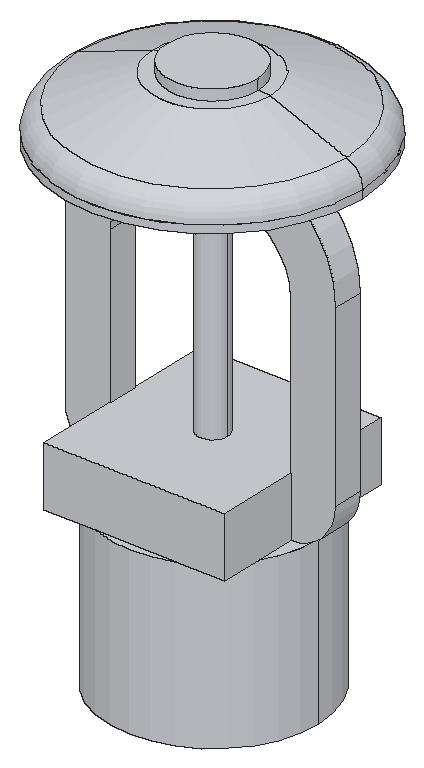
Revit family
Parameters (values of type "RASCO F1FR56 UPRIGHT")
  Temperature Rating = 155 °F
  Response = 1
  RASCO SIN # = "RA1425"
  RASCO Part # = "F1FR56U1C"
  Pressure Rating = "175 PSI"
  Pressure Class = (empty or 0)
  Orifice Size = 1/2"
  Orifice = (empty or 0)
  Model = "F1FR56"
  Manufacturer = "RASCO"
  K-Factor = 5.6
  Description = "Chrome Finish"
  Coverage = (empty or 0)
Reference planes (in)
  plane 1 "Center (Front/Back)": y = 0
  plane 2: z = 0
  plane 3 "Center (Left/Right)": x = 0
Nested families (in)
  nested 1: "F1FR56U1C" at (-0.11761, -0.05254, 0), type "RASCO F1FR56 UPRIGHT"
Connectors (in)
  piping at (-0.11761, -0.05254, 0)
    settings: on nested 1, index 1, connector radius 115/256", flow factor 0, pipe flow 0 GPM, pressure drop 0.00 psi, fitting loss kfactor 0, connector angle 0.00°, fixture units 0, flow configuration 0, flow direction 0, fitting loss method 0, system type 7, connector reference index -1, connector utility 0, adjustable connector no, is connector primary yes, fitting loss table "", connector description ""
Definition of nested family "F1FR56U1C"
  Parameters (values of type "RASCO F1FR56 UPRIGHT")
    Type Comments = ""
    Temperature Rating = 0 °F
    Response = (empty or 0)
    Pressure Rating = "0"
    Pressure Class = (empty or 0)
    Orifice Size = 0"
    Orifice = (empty or 0)
    Model = ""
    Manufacturer = ""
    K-Factor = 0
    Description = ""
    Coverage = (empty or 0)
    Assembly Code = ""
  Reference planes (in)
    plane 1 "Center (Front/Back)": y = 0
    plane 2: z = 0
    plane 3 "ref.2": z = 0.6875
    plane 4 "ref.3": z = 0.9375
    plane 5: x = -0.38065
    plane 6: x = 0.36935
    plane 7 "ref. side 1": y = 0.06402
    plane 8 "ref. side 2": y = -0.06098
    plane 9 "ref.4": z = 1.875
    plane 10 "ref.5": z = 2.3125
    plane 11 "ref.6": z = 2.4375
  Forms (in)
    Extrusion 1, solid
      sketch origin (0, 0, 0) x (1, 0, 0) y (0, 1, 0)
        loop
          circle (0, 0) r 0.4375
      from 0 to 0.6875
    Extrusion 2, solid
      sketch origin (-0.12185, 0.05177, 0.6875) x (1, 0, 0) y (0, 1, 0)
        loop
          line (-0.2588, 0.356) -> (-0.2588, -0.4565) -> (0.4912, -0.4565) -> (0.4912, 0.356) -> (-0.2588, 0.356)
      from 0 to 0.25
    Extrusion 3, solid
      sketch origin (0, 0, 0) x (1, 0, 0) y (0, 0, 1)
        loop
          line (-0.38065, 0.68754) -> (-0.38065, 1.58397)
          arc (-0.38065, 1.58397) -> (-0.29541, 1.78976) -> (-0.08962, 1.875) r 0.29103
          line (-0.08962, 1.875) -> (0.07524, 1.875)
          arc (0.07524, 1.875) -> (0.28321, 1.78886) -> (0.36935, 1.58089) r 0.29411
          line (0.36935, 1.58089) -> (0.36935, 0.68751)
          arc (0.36935, 0.68751) -> (0.50207, 0.74393) -> (0.55685, 0.87734) r 0.18984
          line (0.55685, 0.87734) -> (0.55685, 1.61676)
          arc (0.55685, 1.61676) -> (0.42629, 1.93194) -> (0.11111, 2.0625) r 0.44574
          line (0.11111, 2.0625) -> (-0.12259, 2.0625)
          arc (-0.12259, 2.0625) -> (-0.43765, 1.932) -> (-0.56815, 1.61694) r 0.44556
          line (-0.56815, 1.61694) -> (-0.56815, 0.87876)
          arc (-0.56815, 0.87876) -> (-0.51345, 0.74486) -> (-0.38065, 0.68754) r 0.19126
      from -0.06402 to 0.06098
    Extrusion 4, solid
      sketch origin (0, 0, 0.9375) x (-1, 0, 0) y (0, -1, 0)
        loop
          circle (0.00574, -0.00152) r 0.0625
      from 0 to 0.9375
    Extrusion 5, solid
      sketch origin (0, 0, 1.875) x (-1, 0, 0) y (0, -1, 0)
        loop
          circle (0.00574, -0.00152) r 0.1875
      from 0 to 0.4375
    Revolve 6, solid
      sketch origin (0, 0, -0.31276) x (1, 0, 0) y (0, 0, 1)
        loop
          line (-0.19324, 2.33367) -> (-0.19324, 2.58367) -> (-0.24995, 2.58367) -> (-0.56395, 2.46314)
          arc (-0.56395, 2.46314) -> (-0.61243, 2.42492) -> (-0.63074, 2.36595) r 0.1041
          line (-0.63074, 2.36595) -> (-0.63074, 2.33367) -> (-0.19324, 2.33367)
        axis (-0.00574, 2.33367) -> (-0.00574, 2.58367)
      angle from 0 to 360
  Cuts and joins
    joined: Extrusion 1, Extrusion 2, Extrusion 4, Revolve 6
  Lines and regions (in)
    model lines
      curve 1: line (-0.00574, 0.06402, 1.875) -> (-0.00574, -0.06098, 1.875)
